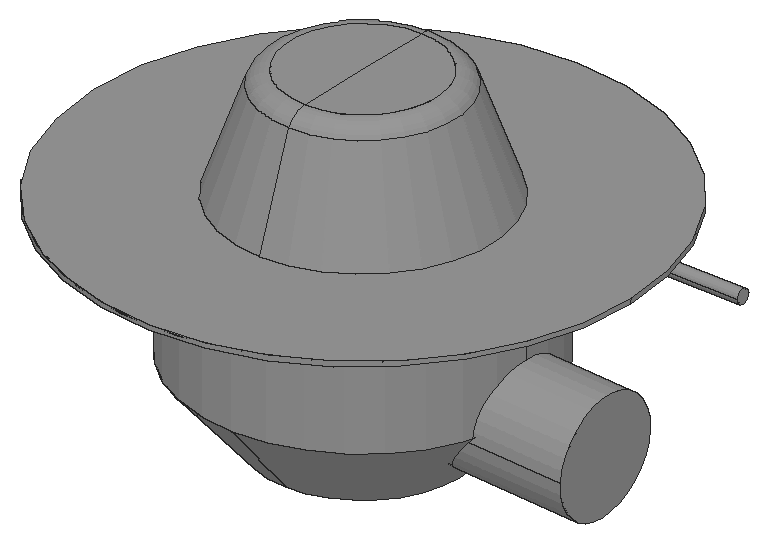
Revit family "HL_Dachablauf_HL64.1F-B-221103", category Instalační zařizovací předměty, Revit 2021
Family settings
  Kóta kulaté spojky = Použít průměr
  Typ dílu = Normální
  Číslo OmniClass = 23.70.50.21.24.14
  Nadpis OmniClass = Deck Waste Water Drains
  Založené na pracovní rovině = Ne
  Vždy vertikální = Ano
  Ořezat dutým tvarem při načtení = Ne
  Sdílené = Ne
  Bod výpočtu místnosti = Ano
Parameters
  Výchozí výška = 0 mm
  Výrobce = "HL Hutterer & Lechner GmbH"  # constant formula
  VOLUMENSTROM [instance] = 0.0 L/s
  URL = "http://www.hutterer-lechner.com/de/products/catalog/roof-drains/HL64.1F/7.aspx"
  RECHTSAUSKUNFT = "Urheberrechte (©), Designrechte und alle anderen Rechte am geistigen Eigentum, sind ausschließlich Eigentum der Firma HL Hutterer&Lechner GmbH. Änderungen sind nicht gestattet. Die Familien (Teile) sind mit Wasserzeichen geschützt."
  MATERIAL = "PP"
  LEISTUNG = "6,9l/s"
  GEWICHT = "0,877 [kg]"
  EINLAUFROST = "Laubfangkorb d 145 mm"
  EAN = "9003076031665"
  DURCHMESSER = 75 mm
  DIMENSION = "DN75"
  Abdeckung Material [instance] = none
  Přípoj ventilace = no
  Přípoj odpadních dílů = yes
  Přípoj HW = no
  Přípoj CW = no
  Popis = "Dachabläufe"
  Model = "HL64.1F_7"
  Assembly Code = " "
  Type Comments = "HL64.1F/7 Dachablauf DN75 waagrecht mit PP_Kragen und Heizung (10_30W/230V),"
  Keynote = "HL64.1F_7"
  Einbauhöhe [instance] = 0 mm
  G [instance] = 90.00°  # constant formula
  D [instance] = if(DURCHMESSER = 75 mm, 162.8 mm, 178 mm)  # 162.8 mm
  C [instance] = if(Einbauhöhe - 68 mm < 0 mm, 0 mm, Einbauhöhe - 68 mm)  # 0 mm
  B [instance] = Einbauhöhe + if(DURCHMESSER = 75 mm, 101 mm, 84 mm)  # 101 mm
  A [instance] = if(B - 100 mm > 15 mm, B - 100 mm, 15 mm)  # 15 mm
Types (3, lengths in mm): name | URL | LEISTUNG | GEWICHT | EAN | DURCHMESSER | DIMENSION | Model | Type Comments | Keynote | D | B
  (no name) | "http://www.hutterer-lechner.com/de/products/catalog/roof-drains/HL64.1F/7.aspx" | "6,9l/s" | "0,877 [kg]" | "9003076031665" | 75 | "DN75" | "HL64.1F_7" | "HL64.1F/7 Dachablauf DN75 waagrecht mit PP_Kragen und Heizung (10_30W/230V)," | "HL64.1F_7" | 162.8 | 101
  HL_Dachablauf_HL64.1F_1 | "http://www.hutterer-lechner.com/de/products/catalog/roof-drains/HL64.1F/1.aspx" | "7,8l/s" | "0,988 [kg]" | "9003076031641" | 110 | "DN110" | "HL64.1F_1" | "HL64.1F/1 Dachablauf DN110 waagrecht mit PP_Kragen und Heizung (10_30W/230V)," | "HL64.1F_1" | 178 | 84
  HL_Dachablauf_HL64.1F_7 | "http://www.hutterer-lechner.com/de/products/catalog/roof-drains/HL64.1F/7.aspx" | "6,9l/s" | "0,877 [kg]" | "9003076031665" | 75 | "DN75" | "HL64.1F_7" | "HL64.1F/7 Dachablauf DN75 waagrecht mit PP_Kragen und Heizung (10_30W/230V)," | "HL64.1F_7" | 162.8 | 101
Reference planes
  plane 1 "Center (Front/Back)": y = 0
  plane 2: z = 0
  plane 3 "Center (Left/Right)": x = 0
  plane 4: z = -101
  plane 5: z = 0
Lines and regions (mm)
  model lines, style "InvisibleLines"
    curve 1: line (0, 0, 0) -> (0, 0, 20)
  model lines, style "PlumbingFixtures", detail levels coarse+medium
    curve 2: line (0, 0, -101) -> (0, 0, -86)
    curve 3: line (0, 0, -86) -> (-86, 0, 0)
    curve 4: line (0, 0, -86) -> (86, 0, 0)
    curve 6: line (0, 0, -101) -> (162.8, 0, -101)
  reference lines, not visible
    curve 5: line (0, 0, -101) -> (162.8, 0, -101)
  symbolic lines, style "PlumbingFixtures", detail levels coarse+medium
    curve 7: line (-75, 75, 0) -> (75, 75, 0)
    curve 8: line (-75, -75, 0) -> (-75, 75, 0)
    curve 9: line (75, -75, 0) -> (-75, -75, 0)
    curve 10: line (75, 75, 0) -> (75, -75, 0)
    curve 11: line (-75, 75, 0) -> (-145.711, 145.711, 0)
    curve 12: line (75, 75, 0) -> (145.711, 145.711, 0)
    curve 13: line (-75, -75, 0) -> (-145.711, -145.711, 0)
    curve 14: line (75, -75, 0) -> (145.711, -145.711, 0)
  symbolic lines, style "PlumbingFixtures", not visible, detail levels coarse+medium
    curve 15: line (-75, 75, 0) -> (75, 75, 0)
    curve 16: line (-75, -75, 0) -> (-75, 75, 0)
    curve 17: line (75, -75, 0) -> (-75, -75, 0)
    curve 18: line (75, 75, 0) -> (75, -75, 0)
    curve 19: line (-75, 75, 0) -> (-145.711, 145.711, 0)
    curve 20: line (75, 75, 0) -> (145.711, 145.711, 0)
    curve 21: line (-75, -75, 0) -> (-145.711, -145.711, 0)
    curve 22: line (75, -75, 0) -> (145.711, -145.711, 0)
Text (mm)
  text "FLOOR" at (-162.344, 0, -10.979), in view "Drain Construction View"
Dimensions and locks
  "B": plane 2 to plane 4
  "Einbauhöhe": plane 2 to plane 5
  "A": curve 4 to plane 4
  "D": curve 5 to curve 5
  "D": curve 6 to curve 6
  locked: curve 4 to plane 3 "Center (Left/Right)" (angle 45.00°)
  locked: plane 3 "Center (Left/Right)" to curve 3 (angle 45.00°)
  "G": angle curve 5 to plane 3 "Center (Left/Right)"
  aligned and locked: level to plane 2
  aligned and locked: plane 2 to curve 4
  aligned and locked: plane 2 to curve 3
  aligned and locked: plane 4 to curve 5
  aligned and locked: plane 3 "Center (Left/Right)" to curve 5
  aligned and locked: plane 4 to curve 2
  aligned and locked: plane 3 "Center (Left/Right)" to curve 6
  aligned and locked: plane 4 to curve 6
  aligned and locked: nested 1 to plane 5
  aligned and locked: plane 3 "Center (Left/Right)" to nested 1
  aligned and locked: plane 2 to nested 2
  aligned and locked: plane 3 "Center (Left/Right)" to nested 2
Automatic sketch dimensions
  curve 2 to plane 3 "Center (Left/Right)" = 0 mm
  curve 1 to plane 3 "Center (Left/Right)" = 0 mm
  curve 1 to level = 0 mm
  level to curve 1 = 20 mm
Nested families
  nested 1: "HL_Dachablaufkörper_HL64.1F" at (0, 0, 0.462), DURCHMESSER <- "DURCHMESSER", type "HL_Dachablaufkörper_HL64.1F"
    with Q02 93.275 mm, Q 150 mm, L 163 mm, DURCHMESSER 75 mm, B 101.5 mm, A 93.5 mm
  nested 2: "HL_Zubehör_HL062.1E" at (0, 0, 0), type "HL_Zubehör_HL062.1E"
Connectors
  piping at (162.8, 0, -101), diameter 75, driven by "VOLUMENSTROM", driven by "DURCHMESSER"
    settings: on curve 5, index 1, connector inside diameter 609.6 mm, connector length 0 mm, flow factor 0, pipe flow 0.0 L/s, pressure drop 0.0 Pa, fitting loss kfactor 0, connector angle 0.00°, fixture units 0, engagement length 0 mm, angle of deflection 0.00°, flow configuration 1, flow direction 2, fitting loss method 0, system type 16, joint type 0, gender type 0, connector reference index -1, connector utility 0, adjustable connector yes, is connector primary yes, connector description ""
Definition of nested family "HL_Dachablaufkörper_HL64.1F"
  Parameters (values of type "HL_Dachablaufkörper_HL64.1F")
    Default Elevation = 0 mm
    Manufacturer = ""
    URL = ""
    Q02 [instance] = 93.275 mm
    Q [instance] = 150 mm
    Description = ""
    Model = ""
    L [instance] = if(DURCHMESSER = 75 mm, 163 mm, if(DURCHMESSER = 110 mm, 178 mm, 0 mm))  # 178 mm
    Type Comments = ""
    DURCHMESSER [instance] = 110 mm
    Cost = 0
    B [instance] = if(DURCHMESSER = 75 mm, 101.5 mm, 84 mm)  # 84 mm
    A [instance] = if(DURCHMESSER = 75 mm, 93.5 mm, 75 mm)  # 75 mm
  Reference planes
    plane 1 "Střed (vpředu/vzadu)": y = 0
    plane 2: z = 0
    plane 3 "Střed (vlevo/vpravo)": x = 0
  Forms (mm)
    Extrusion 1, solid, detail levels fine
      sketch origin (0.013, 0.012, 0) x (1, 0, 0) y (0, 1, 0)
        loop
          circle (0, 0) r 180
        loop
          circle (0, 0) r 78.913
      from -0.462 to -3.5
    Extrusion 2, solid, detail levels fine
      sketch origin (0.013, 0.012, -3.5) x (0, 1, 0) y (1, 0, 0)
        loop
          circle (0, 0) r 140
      from 0 to 18
    Extrusion 3, solid, detail levels fine
      sketch origin (0.013, 0.012, -21.5) x (-1, 0, 0) y (0, 1, 0)
        loop
          circle (0, 0) r 110
      from 0 to 73.906
    Blend 4, solid, detail levels fine
      base sketch origin (0.013, 0.012, -95.406) x (0, -1, 0) y (1, 0, 0)
        loop
          circle (0, 0) r 110
      top sketch origin (0.013, 0.012, -95.406) x (0, -1, 0) y (1, 0, 0)
        loop
          circle (0, 0) r 65
      from 0 to -53
    Revolve 5, void
      sketch origin (0.013, 0.012, 0) x (1, 0, 0) y (0, 0, 1)
        loop
          line (-78.913, 0) -> (-78.913, -16.281) -> (-74.694, -23.588) -> (-74.694, -24.914) -> (-75.511, -24.914) -> (-75.511, -30.304) -> (-64.679, -30.304) -> (-64.679, -32.804) -> (0, -32.804) -> (0, 0) -> (-78.913, 0)
        axis (0, 0) -> (0, -32.804)
      angle from 0 to 360
    Extrusion 6, solid, detail levels fine
      sketch origin (0, 0, 0) x (0, 1, 0) y (0, 0, 1)
        loop
          circle (70.204, -23.074) r 4.5
      from 55.926 to 199.171
    Extrusion 7, solid, detail levels fine
      sketch origin (179.265, 0, -54.515) x (0, -1, 0) y (-0.050562, 0, -0.998721)
        loop
          circle (0, 29.523) r 55
      from -0.044 to -100.795
  Cuts and joins
    Revolve 5 cuts Extrusion 1
    Revolve 5 cuts Extrusion 2
    Revolve 5 cuts Extrusion 3
  Lines and regions (mm)
    reference lines
      curve 1: line (0, 0, -75) -> (177.772, 0, -84)
  Dimensions and locks
    "B": plane 2 to curve 1
    "A": plane 2 to curve 1
    locked: curve 1 to plane 3 "Střed (vlevo/vpravo)" at 0
    "L": curve 1 to curve 1
    "DURCHMESSER": diameter of Extrusion 7 sketch curve
    aligned and locked: level to plane 2
  Automatic sketch dimensions
    Extrusion 1 sketch curve to Extrusion 1 sketch curve = 0 mm  (x2)
    plane 3 "Střed (vlevo/vpravo)" to Extrusion 1 sketch curve = 0.013 mm
    Extrusion 1 sketch curve to plane 1 "Střed (vpředu/vzadu)" = 0.012 mm
    Revolve 5 sketch curve to level = 0 mm
    Revolve 5 sketch curve to plane 3 "Střed (vlevo/vpravo)" = 78.899 mm
    Revolve 5 sketch curve to Revolve 5 sketch curve = 3.401 mm
    Revolve 5 sketch curve to Revolve 5 sketch curve = 0.817 mm
    Revolve 5 sketch curve to Revolve 5 sketch curve = 10.833 mm
    plane 3 "Střed (vlevo/vpravo)" to Revolve 5 sketch curve = 0.013 mm  (x2)
    Revolve 5 sketch curve to level = 16.281 mm
    Revolve 5 sketch curve to Revolve 5 sketch curve = 7.307 mm
    Revolve 5 sketch curve to Revolve 5 sketch curve = 1.326 mm
    Revolve 5 sketch curve to Revolve 5 sketch curve = 5.39 mm
    Revolve 5 sketch curve to level = 32.804 mm
    level to Revolve 5 sketch curve = 25 mm
    Revolve 5 sketch curve to Revolve 5 sketch curve = 50 mm
    Extrusion 6 sketch curve to level = 23.074 mm
    Extrusion 6 sketch curve to plane 1 "Střed (vpředu/vzadu)" = 70.204 mm
    Extrusion 7 sketch curve to plane 1 "Střed (vpředu/vzadu)" = 0 mm
    radius of Extrusion 1 sketch curve = 180 mm
    radius of Extrusion 1 sketch curve = 78.913 mm
    radius of Extrusion 2 sketch curve to Extrusion 1 = 40 mm
    radius of Extrusion 3 sketch curve to Extrusion 2 = 30 mm
    radius of Blend 4 sketch curve to Extrusion 3 = 0 mm
    radius of Blend 4 sketch curve to Extrusion 3 = 45 mm
    radius of Extrusion 6 sketch curve = 4.5 mm
Definition of nested family "HL_Zubehör_HL062.1E"
  Parameters (values of type "HL_Zubehör_HL062.1E")
    Default Elevation = 0 mm
    Manufacturer = "HL Hutterer & Lechner GmbH"
    URL = "http://www.hutterer-lechner.com/de/products/catalog/roof-drains/HL062.1E.aspx"
    Abdeckung Material = none
    RECHTSAUSKUNFT = "Urheberrechte (©), Designrechte und alle anderen Rechte am geistigen Eigentum, sind ausschließlich Eigentum der Firma HL Hutterer&Lechner GmbH. Änderungen sind nicht gestattet. Die Familien (Teile) sind mit Wasserzeichen geschützt."
    Description = "Dachabläufe"
    Model = "HL062.1E"
    Type Comments = "HL062.1E, Laubfangkorb"
    Keynote = "HL062.1E"
    GEWICHT = "0,097 [kg]"
    Volumenstrom [instance] = 0.0 L/s
    EAN = "9003076006212"
    Cost = 0
  Values of the unnamed type that differ from the named types
    Manufacturer = ""
    URL = ""
    RECHTSAUSKUNFT = ""
    Description = ""
    Model = ""
    Type Comments = "HL062.1E, domed plastic grate"
    Keynote = ""
  Reference planes
    plane 1 "Střed (vpředu/vzadu)": y = 0
    plane 2: z = 0
    plane 3 "Střed (vlevo/vpravo)": x = 0
  Forms (mm)
    Revolve 1, solid, detail levels fine
      sketch origin (0, 0, 0) x (0, 1, 0) y (0, 0, 1)
        loop
          line (0, 75) -> (0, 60.2) -> (47.074, 60.2) -> (68.985, 0) -> (86.249, 0) -> (61.992, 66.646)
          arc (61.992, 66.646) -> (56.733, 72.731) -> (49.016, 75) r 14.255
          line (49.016, 75) -> (0, 75)
        axis (0, 75) -> (0, 0)
      angle from 0 to 360
    Extrusion 2, solid, detail levels fine
      sketch origin (0, 0, 0) x (0, 1, 0) y (1, 0, 0)
        loop
          circle (0, 0) r 78.587
        loop
          circle (0, 0) r 70.981
      from 0 to 16.7
    Extrusion 3, solid, detail levels fine
      sketch origin (0, 0, -16.7) x (-1, 0, 0) y (0, 1, 0)
        loop
          circle (0, 0) r 70
        loop
          circle (0, 0) r 74.546
      from 0 to 12.3
  Dimensions and locks
    aligned and locked: level to plane 2
